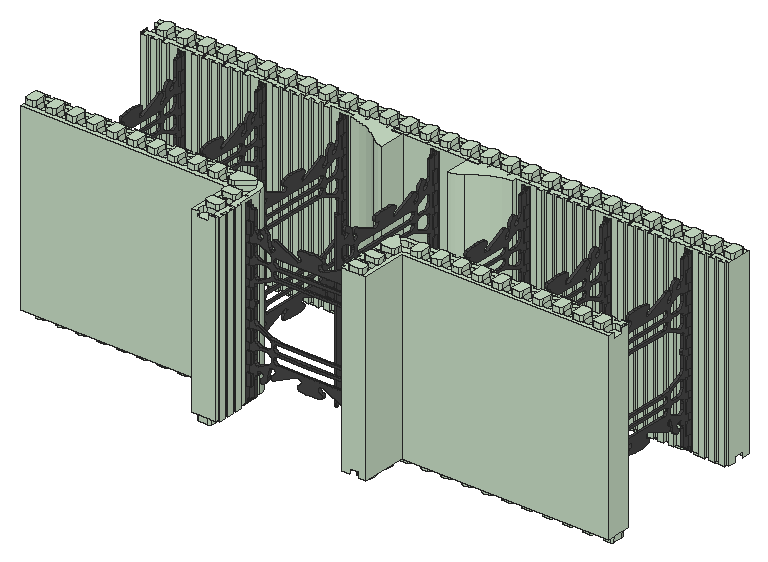
Revit family (continued)
Definition of nested family "NUDURA Diamond Pattern Missing Two Lines"
  Lines and regions (in)
    model lines
      curve 109: arc (4.634, -5.625, 6.48484) -> (4.74384, -5.625, 6.75) -> (4.634, -5.625, 7.01517) r 0.375
      curve 110: line (4.29059, -5.625, 6.14142) -> (4.634, -5.625, 6.48484)
      curve 111: line (3.35367, -5.625, 6.48484) -> (3.69709, -5.625, 6.14142)
      curve 112: arc (3.35367, -5.625, 7.01517) -> (3.24384, -5.625, 6.75) -> (3.35367, -5.625, 6.48484) r 0.375
      curve 113: line (3.69709, -5.625, 7.35858) -> (3.35367, -5.625, 7.01517)
      curve 114: arc (4.17062, -5.625, 7.30178) -> (3.99384, -5.625, 7.375) -> (3.81706, -5.625, 7.30178) r 0.25
      curve 115: line (3.81706, -5.625, 7.30178) -> (3.44206, -5.625, 6.92678)
      curve 116: arc (3.44206, -5.625, 6.92678) -> (3.36884, -5.625, 6.75) -> (3.44206, -5.625, 6.57322) r 0.25
      curve 117: line (3.44206, -5.625, 6.57322) -> (3.81706, -5.625, 6.19822)
      curve 118: arc (3.81706, -5.625, 6.19822) -> (3.99384, -5.625, 6.125) -> (4.17062, -5.625, 6.19822) r 0.25
      curve 119: line (4.17062, -5.625, 6.19822) -> (4.54562, -5.625, 6.57322)
      curve 120: arc (4.54562, -5.625, 6.57322) -> (4.61884, -5.625, 6.75) -> (4.54562, -5.625, 6.92678) r 0.25
      curve 121: line (4.54562, -5.625, 6.92678) -> (4.17062, -5.625, 7.30178)
      curve 122: arc (3.69709, -5.625, 5.85858) -> (3.75567, -5.625, 6) -> (3.69709, -5.625, 6.14142) r 0.2
      curve 123: line (4.634, -5.625, 5.51517) -> (4.29059, -5.625, 5.85858)
      curve 124: arc (4.634, -5.625, 4.98484) -> (4.74384, -5.625, 5.25) -> (4.634, -5.625, 5.51517) r 0.375
      curve 125: line (4.29059, -5.625, 4.64142) -> (4.634, -5.625, 4.98484)
      curve 126: line (3.35367, -5.625, 4.98484) -> (3.69709, -5.625, 4.64142)
      curve 127: arc (3.35367, -5.625, 5.51517) -> (3.24384, -5.625, 5.25) -> (3.35367, -5.625, 4.98484) r 0.375
      curve 128: line (3.69709, -5.625, 5.85858) -> (3.35367, -5.625, 5.51517)
      curve 129: arc (4.17062, -5.625, 5.80178) -> (3.99384, -5.625, 5.875) -> (3.81706, -5.625, 5.80178) r 0.25
      curve 130: line (3.81706, -5.625, 5.80178) -> (3.44206, -5.625, 5.42678)
      curve 131: arc (3.44206, -5.625, 5.42678) -> (3.36884, -5.625, 5.25) -> (3.44206, -5.625, 5.07322) r 0.25
      curve 132: line (3.44206, -5.625, 5.07322) -> (3.81706, -5.625, 4.69822)
      curve 133: arc (3.81706, -5.625, 4.69822) -> (3.99384, -5.625, 4.625) -> (4.17062, -5.625, 4.69822) r 0.25
      curve 134: line (4.17062, -5.625, 4.69822) -> (4.54562, -5.625, 5.07322)
      curve 135: arc (4.54562, -5.625, 5.07322) -> (4.61884, -5.625, 5.25) -> (4.54562, -5.625, 5.42678) r 0.25
      curve 136: line (4.54562, -5.625, 5.42678) -> (4.17062, -5.625, 5.80178)
      curve 137: arc (3.69709, -5.625, 4.35858) -> (3.75567, -5.625, 4.5) -> (3.69709, -5.625, 4.64142) r 0.2
      curve 138: line (4.634, -5.625, 4.01517) -> (4.29059, -5.625, 4.35858)
      curve 139: arc (4.634, -5.625, 3.48484) -> (4.74384, -5.625, 3.75) -> (4.634, -5.625, 4.01517) r 0.375
      curve 140: line (4.29059, -5.625, 3.14142) -> (4.634, -5.625, 3.48484)
      curve 141: line (3.35367, -5.625, 3.48484) -> (3.69709, -5.625, 3.14142)
      curve 142: arc (3.35367, -5.625, 4.01517) -> (3.24384, -5.625, 3.75) -> (3.35367, -5.625, 3.48484) r 0.375
      curve 143: line (3.69709, -5.625, 4.35858) -> (3.35367, -5.625, 4.01517)
      curve 144: arc (4.17062, -5.625, 4.30178) -> (3.99384, -5.625, 4.375) -> (3.81706, -5.625, 4.30178) r 0.25
      curve 145: line (3.81706, -5.625, 4.30178) -> (3.44206, -5.625, 3.92678)
      curve 146: arc (3.44206, -5.625, 3.92678) -> (3.36884, -5.625, 3.75) -> (3.44206, -5.625, 3.57322) r 0.25
      curve 147: line (3.44206, -5.625, 3.57322) -> (3.81706, -5.625, 3.19822)
      curve 148: arc (3.81706, -5.625, 3.19822) -> (3.99384, -5.625, 3.125) -> (4.17062, -5.625, 3.19822) r 0.25
      curve 149: line (4.17062, -5.625, 3.19822) -> (4.54562, -5.625, 3.57322)
      curve 150: arc (4.54562, -5.625, 3.57322) -> (4.61884, -5.625, 3.75) -> (4.54562, -5.625, 3.92678) r 0.25
      curve 151: line (4.54562, -5.625, 3.92678) -> (4.17062, -5.625, 4.30178)
      curve 152: arc (3.69709, -5.625, 2.85858) -> (3.75567, -5.625, 3) -> (3.69709, -5.625, 3.14142) r 0.2
      curve 153: line (4.634, -5.625, 2.51517) -> (4.29059, -5.625, 2.85858)
      curve 154: arc (4.634, -5.625, 1.98484) -> (4.74384, -5.625, 2.25) -> (4.634, -5.625, 2.51517) r 0.375
      curve 155: line (4.29059, -5.625, 1.64142) -> (4.634, -5.625, 1.98484)
      curve 156: line (3.35367, -5.625, 1.98484) -> (3.69709, -5.625, 1.64142)
      curve 157: arc (3.35367, -5.625, 2.51517) -> (3.24384, -5.625, 2.25) -> (3.35367, -5.625, 1.98484) r 0.375
      curve 158: line (3.69709, -5.625, 2.85858) -> (3.35367, -5.625, 2.51517)
      curve 159: arc (4.17062, -5.625, 2.80178) -> (3.99384, -5.625, 2.875) -> (3.81706, -5.625, 2.80178) r 0.25
      curve 160: line (3.81706, -5.625, 2.80178) -> (3.44206, -5.625, 2.42678)
      curve 161: arc (3.44206, -5.625, 2.42678) -> (3.36884, -5.625, 2.25) -> (3.44206, -5.625, 2.07322) r 0.25
      curve 162: line (3.44206, -5.625, 2.07322) -> (3.81706, -5.625, 1.69822)
      curve 163: arc (3.81706, -5.625, 1.69822) -> (3.99384, -5.625, 1.625) -> (4.17062, -5.625, 1.69822) r 0.25
      curve 164: line (4.17062, -5.625, 1.69822) -> (4.54562, -5.625, 2.07322)
      curve 165: arc (4.54562, -5.625, 2.07322) -> (4.61884, -5.625, 2.25) -> (4.54562, -5.625, 2.42678) r 0.25
      curve 166: line (4.54562, -5.625, 2.42678) -> (4.17062, -5.625, 2.80178)
      curve 167: arc (3.69709, -5.625, 1.35858) -> (3.75567, -5.625, 1.5) -> (3.69709, -5.625, 1.64142) r 0.2
      curve 168: line (3.69709, -5.625, 1.35858) -> (3.35367, -5.625, 1.01517)
      curve 169: arc (3.35367, -5.625, 1.01517) -> (3.24384, -5.625, 0.75) -> (3.35367, -5.625, 0.48484) r 0.375
      curve 170: line (3.35367, -5.625, 0.48484) -> (3.72867, -5.625, 0.10984)
      curve 171: arc (3.72867, -5.625, 0.10984) -> (3.99384, -5.625, 0) -> (4.259, -5.625, 0.10984) r 0.375
      curve 172: line (4.259, -5.625, 0.10984) -> (4.634, -5.625, 0.48484)
      curve 173: arc (4.634, -5.625, 0.48484) -> (4.74384, -5.625, 0.75) -> (4.634, -5.625, 1.01517) r 0.375
      curve 174: line (4.634, -5.625, 1.01517) -> (4.29059, -5.625, 1.35858)
      curve 175: arc (4.29059, -5.625, 1.64142) -> (4.23201, -5.625, 1.5) -> (4.29059, -5.625, 1.35858) r 0.2
      curve 176: arc (4.17062, -5.625, 1.30178) -> (3.99384, -5.625, 1.375) -> (3.81706, -5.625, 1.30178) r 0.25
      curve 177: line (4.54562, -5.625, 0.92678) -> (4.17062, -5.625, 1.30178)
      curve 178: arc (4.54562, -5.625, 0.57322) -> (4.61884, -5.625, 0.75) -> (4.54562, -5.625, 0.92678) r 0.25
      curve 179: line (4.17062, -5.625, 0.19822) -> (4.54562, -5.625, 0.57322)
      curve 180: arc (3.81706, -5.625, 0.19822) -> (3.99384, -5.625, 0.125) -> (4.17062, -5.625, 0.19822) r 0.25
      curve 181: line (3.44206, -5.625, 0.57322) -> (3.81706, -5.625, 0.19822)
      curve 182: arc (3.44206, -5.625, 0.92678) -> (3.36884, -5.625, 0.75) -> (3.44206, -5.625, 0.57322) r 0.25
      curve 183: line (3.81706, -5.625, 1.30178) -> (3.44206, -5.625, 0.92678)
      curve 184: arc (4.29059, -5.625, 3.14142) -> (4.23201, -5.625, 3) -> (4.29059, -5.625, 2.85858) r 0.2
      curve 185: arc (4.29059, -5.625, 4.64142) -> (4.23201, -5.625, 4.5) -> (4.29059, -5.625, 4.35858) r 0.2
      curve 186: arc (4.29059, -5.625, 6.14142) -> (4.23201, -5.625, 6) -> (4.29059, -5.625, 5.85858) r 0.2
      curve 187: arc (4.29059, -5.625, 7.64142) -> (4.23201, -5.625, 7.5) -> (4.29059, -5.625, 7.35858) r 0.2
      curve 188: arc (4.29059, -5.625, 9.14142) -> (4.23201, -5.625, 9) -> (4.29059, -5.625, 8.85858) r 0.2
      curve 189: arc (4.29059, -5.625, 10.64142) -> (4.23201, -5.625, 10.5) -> (4.29059, -5.625, 10.35858) r 0.2
      curve 190: arc (4.29059, -5.625, 12.14142) -> (4.23201, -5.625, 12) -> (4.29059, -5.625, 11.85858) r 0.2
      curve 191: arc (4.29059, -5.625, 13.64142) -> (4.23201, -5.625, 13.5) -> (4.29059, -5.625, 13.35858) r 0.2
      curve 192: arc (4.29059, -5.625, 15.14142) -> (4.23201, -5.625, 15) -> (4.29059, -5.625, 14.85858) r 0.2
      curve 193: arc (4.29059, -5.625, 16.64142) -> (4.23201, -5.625, 16.5) -> (4.29059, -5.625, 16.35858) r 0.2
Definition of nested family "NUDURA Logo Diamond"
  Reference planes (in)
    plane 1 "Center (Front/Back)": y = 0
    plane 2: z = 0
    plane 3 "Center (Left/Right)": x = 0
  Lines and regions (in)
    model lines
      curve 1: line (12.59848, 0, 17.50104) -> (12.24492, 0, 17.85459)
      curve 2: line (12.36113, 0, 16.76872) -> (12.59848, 0, 17.00607)
      curve 3: line (12.59848, 0, 16.00104) -> (12.36113, 0, 16.23839)
      curve 4: line (12.36113, 0, 15.26872) -> (12.59848, 0, 15.50607)
      curve 5: line (12.59848, 0, 14.50104) -> (12.36113, 0, 14.73839)
      curve 6: line (12.36113, 0, 13.76872) -> (12.59848, 0, 14.00607)
      curve 7: line (12.17421, 0, 13.28388) -> (12.71208, 0, 12.74602)
      curve 8: line (12.71208, 0, 12.74602) -> (12.78279, 0, 12.81673)
      curve 9: line (11.28279, 0, 12.74602) -> (11.82066, 0, 13.28388)
      curve 10: line (11.63374, 0, 13.23839) -> (11.21208, 0, 12.81673)
      curve 11: line (11.3964, 0, 14.00607) -> (11.63374, 0, 13.76872)
      curve 12: line (11.63374, 0, 14.73839) -> (11.3964, 0, 14.50104)
      curve 13: line (11.3964, 0, 15.50607) -> (11.63374, 0, 15.26872)
      curve 14: line (11.63374, 0, 16.23839) -> (11.3964, 0, 16.00104)
      curve 15: line (11.3964, 0, 17.00607) -> (11.63374, 0, 16.76872)
      curve 16: line (11.74995, 0, 17.85459) -> (11.3964, 0, 17.50104)
      curve 17: line (11.82066, 0, 17.78388) -> (11.46711, 0, 17.43033)
      curve 18: line (12.52777, 0, 17.43033) -> (12.17421, 0, 17.78388)
      curve 19: line (12.17421, 0, 16.72322) -> (12.52777, 0, 17.07678)
      curve 20: line (11.46711, 0, 17.07678) -> (11.82066, 0, 16.72322)
      curve 21: arc (11.3964, 0, 17.50104) -> (11.29388, 0, 17.25355) -> (11.3964, 0, 17.00607) r 0.35
      curve 22: arc (11.74995, 0, 17.85459) -> (11.99744, 0, 17.95711) -> (12.24492, 0, 17.85459) r 0.35
      curve 23: arc (11.46711, 0, 17.43033) -> (11.39388, 0, 17.25355) -> (11.46711, 0, 17.07678) r 0.25
      curve 24: arc (12.52777, 0, 17.43033) -> (12.60099, 0, 17.25355) -> (12.52777, 0, 17.07678) r 0.25
      curve 25: arc (12.17421, 0, 16.72322) -> (11.99744, 0, 16.65) -> (11.82066, 0, 16.72322) r 0.25
      curve 26: arc (11.82066, 0, 17.78388) -> (11.99744, 0, 17.85711) -> (12.17421, 0, 17.78388) r 0.25
      curve 27: arc (12.59848, 0, 17.50104) -> (12.70099, 0, 17.25355) -> (12.59848, 0, 17.00607) r 0.35
      curve 28: arc (11.63374, 0, 16.76872) -> (11.74358, 0, 16.50355) -> (11.63374, 0, 16.23839) r 0.375
      curve 29: arc (12.36113, 0, 16.76872) -> (12.2513, 0, 16.50355) -> (12.36113, 0, 16.23839) r 0.375
      curve 30: line (12.36113, 0, 15.26872) -> (12.59848, 0, 15.50607)
      curve 31: line (11.3964, 0, 15.50607) -> (11.63374, 0, 15.26872)
      curve 32: line (11.82066, 0, 16.28388) -> (11.46711, 0, 15.93033)
      curve 33: line (12.52777, 0, 15.93033) -> (12.17421, 0, 16.28388)
      curve 34: line (12.17421, 0, 15.22322) -> (12.52777, 0, 15.57678)
      curve 35: line (11.46711, 0, 15.57678) -> (11.82066, 0, 15.22322)
      curve 36: arc (11.3964, 0, 16.00104) -> (11.29388, 0, 15.75355) -> (11.3964, 0, 15.50607) r 0.35
      curve 37: arc (11.46711, 0, 15.93033) -> (11.39388, 0, 15.75355) -> (11.46711, 0, 15.57678) r 0.25
      curve 38: arc (12.52777, 0, 15.93033) -> (12.60099, 0, 15.75355) -> (12.52777, 0, 15.57678) r 0.25
      curve 39: arc (12.17421, 0, 15.22322) -> (11.99744, 0, 15.15) -> (11.82066, 0, 15.22322) r 0.25
      curve 40: arc (11.82066, 0, 16.28388) -> (11.99744, 0, 16.35711) -> (12.17421, 0, 16.28388) r 0.25
      curve 41: arc (12.59848, 0, 16.00104) -> (12.70099, 0, 15.75355) -> (12.59848, 0, 15.50607) r 0.35
      curve 42: line (11.63374, 0, 16.23839) -> (11.3964, 0, 16.00104)
      curve 43: line (12.59848, 0, 16.00104) -> (12.36113, 0, 16.23839)
      curve 44: arc (11.63374, 0, 15.26872) -> (11.74358, 0, 15.00355) -> (11.63374, 0, 14.73839) r 0.375
      curve 45: arc (12.36113, 0, 15.26872) -> (12.2513, 0, 15.00355) -> (12.36113, 0, 14.73839) r 0.375
      curve 46: line (12.36113, 0, 13.76872) -> (12.59848, 0, 14.00607)
      curve 47: line (11.3964, 0, 14.00607) -> (11.63374, 0, 13.76872)
      curve 48: line (11.82066, 0, 14.78388) -> (11.46711, 0, 14.43033)
      curve 49: line (12.52777, 0, 14.43033) -> (12.17421, 0, 14.78388)
      curve 50: line (12.17421, 0, 13.72322) -> (12.52777, 0, 14.07678)
      curve 51: line (11.46711, 0, 14.07678) -> (11.82066, 0, 13.72322)
      curve 52: arc (11.3964, 0, 14.50104) -> (11.29388, 0, 14.25355) -> (11.3964, 0, 14.00607) r 0.35
      curve 53: arc (11.46711, 0, 14.43033) -> (11.39388, 0, 14.25355) -> (11.46711, 0, 14.07678) r 0.25
      curve 54: arc (12.52777, 0, 14.43033) -> (12.60099, 0, 14.25355) -> (12.52777, 0, 14.07678) r 0.25
      curve 55: arc (12.17421, 0, 13.72322) -> (11.99744, 0, 13.65) -> (11.82066, 0, 13.72322) r 0.25
      curve 56: arc (11.82066, 0, 14.78388) -> (11.99744, 0, 14.85711) -> (12.17421, 0, 14.78388) r 0.25
      curve 57: arc (12.59848, 0, 14.50104) -> (12.70099, 0, 14.25355) -> (12.59848, 0, 14.00607) r 0.35
      curve 58: line (11.63374, 0, 14.73839) -> (11.3964, 0, 14.50104)
      curve 59: arc (11.63374, 0, 13.76872) -> (11.74358, 0, 13.50355) -> (11.63374, 0, 13.23839) r 0.375
      curve 60: arc (12.36113, 0, 13.76872) -> (12.2513, 0, 13.50355) -> (12.36113, 0, 13.23839) r 0.375
      curve 61: line (12.78279, 0, 12.81673) -> (12.36113, 0, 13.23839)
      curve 62: line (11.21208, 0, 12.81673) -> (11.28279, 0, 12.74602)
      curve 63: arc (11.82066, 0, 13.28388) -> (11.99744, 0, 13.35711) -> (12.17421, 0, 13.28388) r 0.25
      curve 64: line (12.59848, 0, 0.50607) -> (12.24492, 0, 0.15251)
      curve 65: line (12.36113, 0, 1.23839) -> (12.59848, 0, 1.00104)
      curve 66: line (12.59848, 0, 2.00607) -> (12.36113, 0, 1.76872)
      curve 67: line (12.36113, 0, 2.73839) -> (12.59848, 0, 2.50104)
      curve 68: line (12.59848, 0, 3.50607) -> (12.36113, 0, 3.26872)
      curve 69: line (12.36113, 0, 4.23839) -> (12.59848, 0, 4.00104)
      curve 70: line (12.17421, 0, 4.72322) -> (12.71208, 0, 5.26109)
      curve 71: line (12.71208, 0, 5.26109) -> (12.78279, 0, 5.19038)
      curve 72: line (11.28279, 0, 5.26109) -> (11.82066, 0, 4.72322)
      curve 73: line (11.63374, 0, 4.76872) -> (11.21208, 0, 5.19038)
      curve 74: line (11.3964, 0, 4.00104) -> (11.63374, 0, 4.23839)
      curve 75: line (11.63374, 0, 3.26872) -> (11.3964, 0, 3.50607)
      curve 76: line (11.3964, 0, 2.50104) -> (11.63374, 0, 2.73839)
      curve 77: line (11.63374, 0, 1.76872) -> (11.3964, 0, 2.00607)
      curve 78: line (11.3964, 0, 1.00104) -> (11.63374, 0, 1.23839)
      curve 79: line (11.74995, 0, 0.15251) -> (11.3964, 0, 0.50607)
      curve 80: line (11.82066, 0, 0.22322) -> (11.46711, 0, 0.57678)
      curve 81: line (12.52777, 0, 0.57678) -> (12.17421, 0, 0.22322)
      curve 82: line (12.17421, 0, 1.28388) -> (12.52777, 0, 0.93033)
      curve 83: line (11.46711, 0, 0.93033) -> (11.82066, 0, 1.28388)
      curve 84: arc (11.3964, 0, 0.50607) -> (11.29388, 0, 0.75355) -> (11.3964, 0, 1.00104) r 0.35
      curve 85: arc (11.74995, 0, 0.15251) -> (11.99744, 0, 0.05) -> (12.24492, 0, 0.15251) r 0.35
      curve 86: arc (11.46711, 0, 0.57678) -> (11.39388, 0, 0.75355) -> (11.46711, 0, 0.93033) r 0.25
      curve 87: arc (12.52777, 0, 0.57678) -> (12.60099, 0, 0.75355) -> (12.52777, 0, 0.93033) r 0.25
      curve 88: arc (12.17421, 0, 1.28388) -> (11.99744, 0, 1.35711) -> (11.82066, 0, 1.28388) r 0.25
      curve 89: arc (11.82066, 0, 0.22322) -> (11.99744, 0, 0.15) -> (12.17421, 0, 0.22322) r 0.25
      curve 90: arc (12.59848, 0, 0.50607) -> (12.70099, 0, 0.75355) -> (12.59848, 0, 1.00104) r 0.35
      curve 91: arc (11.63374, 0, 1.23839) -> (11.74358, 0, 1.50355) -> (11.63374, 0, 1.76872) r 0.375
      curve 92: arc (12.36113, 0, 1.23839) -> (12.2513, 0, 1.50355) -> (12.36113, 0, 1.76872) r 0.375
      curve 93: line (12.36113, 0, 2.73839) -> (12.59848, 0, 2.50104)
      curve 94: line (11.3964, 0, 2.50104) -> (11.63374, 0, 2.73839)
      curve 95: line (11.82066, 0, 1.72322) -> (11.46711, 0, 2.07678)
      curve 96: line (12.52777, 0, 2.07678) -> (12.17421, 0, 1.72322)
      curve 97: line (12.17421, 0, 2.78388) -> (12.52777, 0, 2.43033)
      curve 98: line (11.46711, 0, 2.43033) -> (11.82066, 0, 2.78388)
      curve 99: arc (11.3964, 0, 2.00607) -> (11.29388, 0, 2.25355) -> (11.3964, 0, 2.50104) r 0.35
      curve 100: arc (11.46711, 0, 2.07678) -> (11.39388, 0, 2.25355) -> (11.46711, 0, 2.43033) r 0.25
      curve 101: arc (12.52777, 0, 2.07678) -> (12.60099, 0, 2.25355) -> (12.52777, 0, 2.43033) r 0.25
      curve 102: arc (12.17421, 0, 2.78388) -> (11.99744, 0, 2.85711) -> (11.82066, 0, 2.78388) r 0.25
      curve 103: arc (11.82066, 0, 1.72322) -> (11.99744, 0, 1.65) -> (12.17421, 0, 1.72322) r 0.25
      curve 104: arc (12.59848, 0, 2.00607) -> (12.70099, 0, 2.25355) -> (12.59848, 0, 2.50104) r 0.35
      curve 105: line (11.63374, 0, 1.76872) -> (11.3964, 0, 2.00607)
      curve 106: line (12.59848, 0, 2.00607) -> (12.36113, 0, 1.76872)
      curve 107: arc (11.63374, 0, 2.73839) -> (11.74358, 0, 3.00355) -> (11.63374, 0, 3.26872) r 0.375
      curve 108: arc (12.36113, 0, 2.73839) -> (12.2513, 0, 3.00355) -> (12.36113, 0, 3.26872) r 0.375
      curve 109: line (12.36113, 0, 4.23839) -> (12.59848, 0, 4.00104)
      curve 110: line (11.3964, 0, 4.00104) -> (11.63374, 0, 4.23839)
      curve 111: line (11.82066, 0, 3.22322) -> (11.46711, 0, 3.57678)
      curve 112: line (12.52777, 0, 3.57678) -> (12.17421, 0, 3.22322)
      curve 113: line (12.17421, 0, 4.28388) -> (12.52777, 0, 3.93033)
      curve 114: line (11.46711, 0, 3.93033) -> (11.82066, 0, 4.28388)
      curve 115: arc (11.3964, 0, 3.50607) -> (11.29388, 0, 3.75355) -> (11.3964, 0, 4.00104) r 0.35
      curve 116: arc (11.46711, 0, 3.57678) -> (11.39388, 0, 3.75355) -> (11.46711, 0, 3.93033) r 0.25
      curve 117: arc (12.52777, 0, 3.57678) -> (12.60099, 0, 3.75355) -> (12.52777, 0, 3.93033) r 0.25
      curve 118: arc (12.17421, 0, 4.28388) -> (11.99744, 0, 4.35711) -> (11.82066, 0, 4.28388) r 0.25
      curve 119: arc (11.82066, 0, 3.22322) -> (11.99744, 0, 3.15) -> (12.17421, 0, 3.22322) r 0.25
      curve 120: arc (12.59848, 0, 3.50607) -> (12.70099, 0, 3.75355) -> (12.59848, 0, 4.00104) r 0.35
      curve 121: line (11.63374, 0, 3.26872) -> (11.3964, 0, 3.50607)
      curve 122: arc (11.63374, 0, 4.23839) -> (11.74358, 0, 4.50355) -> (11.63374, 0, 4.76872) r 0.375
      curve 123: arc (12.36113, 0, 4.23839) -> (12.2513, 0, 4.50355) -> (12.36113, 0, 4.76872) r 0.375
      curve 124: line (12.78279, 0, 5.19038) -> (12.36113, 0, 4.76872)
      curve 125: line (11.21208, 0, 5.19038) -> (11.28279, 0, 5.26109)
      curve 126: arc (11.82066, 0, 4.72322) -> (11.99744, 0, 4.65) -> (12.17421, 0, 4.72322) r 0.25
      curve 127: line (12.37244, 0, 12.50355) -> (11.62244, 0, 12.50355)
      curve 128: line (12.74744, 0, 5.87855) -> (12.74744, 0, 12.12855)
      curve 129: line (11.24744, 0, 12.12855) -> (11.24744, 0, 5.87855)
      curve 130: line (11.62244, 0, 5.50355) -> (12.37244, 0, 5.50355)
      curve 131: line (12.47232, 0, 12.00355) -> (12.0393, 0, 12.25355)
      curve 132: line (12.47232, 0, 11.50355) -> (12.47232, 0, 12.00355)
      curve 133: line (12.25581, 0, 11.37855) -> (12.47232, 0, 11.50355)
      curve 134: line (12.02256, 0, 11.51322) -> (12.25581, 0, 11.37855)
      curve 135: line (12.22232, 0, 11.62855) -> (12.02256, 0, 11.51322)
      curve 136: line (11.80605, 0, 12.11888) -> (12.22232, 0, 11.87855)
      curve 137: line (12.22232, 0, 11.87855) -> (12.22232, 0, 11.62855)
      curve 138: line (12.0393, 0, 12.25355) -> (11.80605, 0, 12.11888)
      curve 139: line (11.77256, 0, 11.63822) -> (11.97232, 0, 11.75355)
      curve 140: line (11.97232, 0, 11.75355) -> (11.73906, 0, 11.88822)
      curve 141: line (11.73906, 0, 11.88822) -> (11.52256, 0, 11.76322)
      curve 142: line (11.52256, 0, 11.76322) -> (11.52256, 0, 11.26322)
      curve 143: line (11.77256, 0, 11.38822) -> (11.77256, 0, 11.63822)
      curve 144: line (12.18882, 0, 11.14789) -> (11.77256, 0, 11.38822)
      curve 145: line (11.95557, 0, 11.01322) -> (12.18882, 0, 11.14789)
      curve 146: line (11.52256, 0, 11.26322) -> (11.95557, 0, 11.01322)
      curve 147: line (12.31108, 0, 10.60411) -> (11.68379, 0, 10.74458)
      curve 148: line (11.68379, 0, 10.74458) -> (11.68379, 0, 10.51321)
      curve 149: line (11.68379, 0, 10.51321) -> (12.1295, 0, 10.41405)
      curve 150: line (12.1295, 0, 10.41405) -> (11.68379, 0, 10.27358)
      curve 151: line (11.68379, 0, 10.27358) -> (11.68379, 0, 9.8852)
      curve 152: line (11.68379, 0, 9.8852) -> (12.17077, 0, 9.77615)
      curve 153: line (12.17077, 0, 9.77615) -> (12.17077, 0, 9.74472)
      curve 154: line (12.17077, 0, 9.74472) -> (11.86146, 0, 9.80279)
      curve 155: line (11.68379, 0, 9.65536) -> (11.68379, 0, 9.35864)
      curve 156: line (12.07077, 0, 8.74385) -> (12.07077, 0, 8.99996)
      curve 157: line (12.07077, 0, 8.99996) -> (11.68379, 0, 9.08605)
      curve 158: line (11.68379, 0, 9.08605) -> (11.68379, 0, 8.47809)
      curve 159: line (11.91823, 0, 9.06589) -> (12.31108, 0, 8.97792)
      curve 160: line (11.82444, 0, 8.55476) -> (11.82444, 0, 8.79865)
      curve 161: line (11.82444, 0, 8.79865) -> (12.07077, 0, 8.74385)
      curve 162: line (11.68379, 0, 8.07193) -> (11.68379, 0, 7.77522)
      curve 163: line (11.91823, 0, 7.48247) -> (12.21108, 0, 7.41688)
      curve 164: line (12.21108, 0, 7.41688) -> (12.21108, 0, 6.95405)
      curve 165: line (12.16108, 0, 6.90405) -> (12.12077, 0, 6.90405)
      curve 166: line (12.07077, 0, 6.95405) -> (12.07077, 0, 7.08675)
      curve 167: line (12.07077, 0, 7.08675) -> (12.12077, 0, 7.07556)
      curve 168: line (12.12077, 0, 7.07556) -> (12.12077, 0, 7.33463)
      curve 169: line (12.12077, 0, 7.33463) -> (11.68379, 0, 7.43249)
      curve 170: line (11.68379, 0, 7.43249) -> (11.68379, 0, 7.17341)
      curve 171: line (11.68379, 0, 7.17341) -> (11.97077, 0, 7.10915)
      curve 172: line (11.97077, 0, 7.10915) -> (11.97077, 0, 6.99425)
      curve 173: line (11.92077, 0, 6.94425) -> (11.68379, 0, 6.94425)
      curve 174: line (11.68379, 0, 6.94425) -> (11.68379, 0, 6.45682)
      curve 175: line (11.68379, 0, 6.45682) -> (11.78284, 0, 6.38658)
      curve 176: line (11.78284, 0, 6.38658) -> (11.78284, 0, 6.05178)
      curve 177: line (12.12371, 0, 6.14486) -> (11.88284, 0, 6.31567)
      curve 178: line (11.88284, 0, 6.31567) -> (11.88284, 0, 6.07909)
      curve 179: line (11.88284, 0, 6.07909) -> (12.12371, 0, 6.14486)
      curve 180: line (11.78284, 0, 6.05178) -> (11.68379, 0, 6.02474)
      curve 181: line (11.68379, 0, 6.02474) -> (11.68379, 0, 5.75355)
      curve 182: line (11.68379, 0, 5.75355) -> (12.31108, 0, 5.92483)
      curve 183: line (12.31108, 0, 5.92483) -> (12.31108, 0, 6.28791)
      curve 184: line (12.31108, 0, 6.28791) -> (11.76249, 0, 6.67694)
      curve 185: line (11.76249, 0, 6.67694) -> (11.90321, 0, 6.67694)
      curve 186: line (12.31108, 0, 6.78674) -> (12.31108, 0, 7.63562)
      curve 187: line (12.31108, 0, 7.63562) -> (11.90258, 0, 7.7271)
      curve 188: line (11.82444, 0, 7.82469) -> (11.82444, 0, 7.92839)
      curve 189: line (11.88536, 0, 7.97718) -> (12.31108, 0, 7.88185)
      curve 190: line (12.31108, 0, 7.88185) -> (12.31108, 0, 8.13496)
      curve 191: line (12.31108, 0, 8.13496) -> (12.08042, 0, 8.17826)
      curve 192: line (12.31108, 0, 8.38353) -> (12.31108, 0, 8.9465)
      curve 193: line (12.31108, 0, 8.9465) -> (12.17077, 0, 8.97771)
      curve 194: line (12.17077, 0, 8.97771) -> (12.17077, 0, 8.55476)
      curve 195: line (12.31108, 0, 8.97792) -> (12.31108, 0, 9.21905)
      curve 196: line (12.31108, 0, 9.21905) -> (11.90258, 0, 9.31053)
      curve 197: line (11.82444, 0, 9.40811) -> (11.82444, 0, 9.51182)
      curve 198: line (11.87938, 0, 9.56195) -> (12.31108, 0, 9.46528)
      curve 199: line (12.31108, 0, 9.46528) -> (12.31108, 0, 9.98469)
      curve 200: line (12.31108, 0, 9.98469) -> (11.90664, 0, 10.07526)
      curve 201: line (11.90664, 0, 10.07526) -> (12.31108, 0, 10.20747)
      curve 202: line (12.31108, 0, 10.20747) -> (12.31108, 0, 10.60411)
      curve 203: arc (11.68379, 0, 9.65536) -> (11.73801, 0, 9.7708) -> (11.86146, 0, 9.80279) r 0.15
      curve 204: arc (11.68379, 0, 9.35864) -> (11.74962, 0, 9.17112) -> (11.91823, 0, 9.06589) r 0.3
      curve 205: arc (11.84417, 0, 8.22149) -> (11.72718, 0, 8.32679) -> (11.68379, 0, 8.47809) r 0.28547
      curve 206: arc (11.68379, 0, 8.07193) -> (11.73147, 0, 8.18158) -> (11.84417, 0, 8.22149) r 0.14992
      curve 207: arc (11.68379, 0, 7.77522) -> (11.74962, 0, 7.58769) -> (11.91823, 0, 7.48247) r 0.3
      curve 208: arc (11.82444, 0, 7.82469) -> (11.84638, 0, 7.76218) -> (11.90258, 0, 7.7271) r 0.1
      curve 209: arc (11.82444, 0, 7.92839) -> (11.84318, 0, 7.96742) -> (11.88536, 0, 7.97718) r 0.05
      curve 210: arc (12.12077, 0, 6.90405) -> (12.08541, 0, 6.91869) -> (12.07077, 0, 6.95405) r 0.05
      curve 211: arc (12.16108, 0, 6.90405) -> (12.19644, 0, 6.91869) -> (12.21108, 0, 6.95405) r 0.05
      curve 212: arc (11.97077, 0, 6.99425) -> (11.95612, 0, 6.95889) -> (11.92077, 0, 6.94425) r 0.05
      curve 213: arc (11.90321, 0, 6.67694) -> (11.96756, 0, 6.70069) -> (12.00104, 0, 6.76055) r 0.09904
      curve 214: arc (12.00104, 0, 6.76055) -> (12.1681, 0, 6.63117) -> (12.31108, 0, 6.78674) r 0.15613
      curve 215: arc (12.08042, 0, 8.17826) -> (12.24181, 0, 8.22914) -> (12.31108, 0, 8.38353) r 0.20667
      curve 216: arc (11.82444, 0, 8.55476) -> (11.9976, 0, 8.3816) -> (12.17077, 0, 8.55476) r 0.17317
      curve 217: arc (11.82444, 0, 9.40811) -> (11.84638, 0, 9.34561) -> (11.90258, 0, 9.31053) r 0.1
      curve 218: arc (11.82444, 0, 9.51182) -> (11.8459, 0, 9.55306) -> (11.892, 0, 9.55913) r 0.05034
      curve 219: arc (11.24744, 0, 12.12855) -> (11.35727, 0, 12.39372) -> (11.62244, 0, 12.50355) r 0.375
      curve 220: arc (12.37244, 0, 12.50355) -> (12.6376, 0, 12.39372) -> (12.74744, 0, 12.12855) r 0.375
      curve 221: arc (11.24744, 0, 5.87855) -> (11.35727, 0, 5.61339) -> (11.62244, 0, 5.50355) r 0.375
      curve 222: arc (12.37244, 0, 5.50355) -> (12.6376, 0, 5.61339) -> (12.74744, 0, 5.87855) r 0.375
      curve 223: line (9.99744, 0, 18) -> (9.99744, 0, 0)
      curve 224: line (13.99744, 0, 18) -> (13.99744, 0, 0)
      curve 225: line (15.99744, 0, 18) -> (15.99744, 0, 0)
Definition of nested family "NUDURA Diamond Pattern"
  Reference planes (in)
    plane 1 "Center (Front/Back)": y = 0
    plane 2: z = 0
    plane 3 "Center (Left/Right)": x = 0
    plane 4: z = 18
  Lines and regions (in)
    model lines
      curve 1: line (8, -5.625, 18) -> (8, -5.625, 0)
      curve 2: line (6, -5.625, 18) -> (6, -5.625, 0)
      curve 3: line (2, -5.625, 18) -> (2, -5.625, 0)
      curve 4: line (3.35367, -5.625, 16.98484) -> (3.69709, -5.625, 16.64142)
      curve 5: arc (3.35367, -5.625, 17.51517) -> (3.24384, -5.625, 17.25) -> (3.35367, -5.625, 16.98484) r 0.375
      curve 6: line (3.72867, -5.625, 17.89017) -> (3.35367, -5.625, 17.51517)
      curve 7: arc (4.259, -5.625, 17.89017) -> (3.99384, -5.625, 18) -> (3.72867, -5.625, 17.89017) r 0.375
      curve 8: line (4.634, -5.625, 17.51517) -> (4.259, -5.625, 17.89017)
      curve 9: arc (4.634, -5.625, 16.98484) -> (4.74384, -5.625, 17.25) -> (4.634, -5.625, 17.51517) r 0.375
      curve 10: line (4.29059, -5.625, 16.64142) -> (4.634, -5.625, 16.98484)
      curve 11: arc (4.17062, -5.625, 17.80178) -> (3.99384, -5.625, 17.875) -> (3.81706, -5.625, 17.80178) r 0.25
      curve 12: line (4.54562, -5.625, 17.42678) -> (4.17062, -5.625, 17.80178)
      curve 13: arc (4.54562, -5.625, 17.07322) -> (4.61884, -5.625, 17.25) -> (4.54562, -5.625, 17.42678) r 0.25
      curve 14: line (4.17062, -5.625, 16.69822) -> (4.54562, -5.625, 17.07322)
      curve 15: arc (3.81706, -5.625, 16.69822) -> (3.99384, -5.625, 16.625) -> (4.17062, -5.625, 16.69822) r 0.25
      curve 16: line (3.44206, -5.625, 17.07322) -> (3.81706, -5.625, 16.69822)
      curve 17: arc (3.44206, -5.625, 17.42678) -> (3.36884, -5.625, 17.25) -> (3.44206, -5.625, 17.07322) r 0.25
      curve 18: line (3.81706, -5.625, 17.80178) -> (3.44206, -5.625, 17.42678)
      curve 19: arc (3.69709, -5.625, 16.35858) -> (3.75567, -5.625, 16.5) -> (3.69709, -5.625, 16.64142) r 0.2
      curve 20: line (4.634, -5.625, 16.01517) -> (4.29059, -5.625, 16.35858)
      curve 21: arc (4.634, -5.625, 15.48484) -> (4.74384, -5.625, 15.75) -> (4.634, -5.625, 16.01517) r 0.375
      curve 22: line (4.29059, -5.625, 15.14142) -> (4.634, -5.625, 15.48484)
      curve 23: line (3.35367, -5.625, 15.48484) -> (3.69709, -5.625, 15.14142)
      curve 24: arc (3.35367, -5.625, 16.01517) -> (3.24384, -5.625, 15.75) -> (3.35367, -5.625, 15.48484) r 0.375
      curve 25: line (3.69709, -5.625, 16.35858) -> (3.35367, -5.625, 16.01517)
      curve 26: arc (4.17062, -5.625, 16.30178) -> (3.99384, -5.625, 16.375) -> (3.81706, -5.625, 16.30178) r 0.25
      curve 27: line (3.81706, -5.625, 16.30178) -> (3.44206, -5.625, 15.92678)
      curve 28: arc (3.44206, -5.625, 15.92678) -> (3.36884, -5.625, 15.75) -> (3.44206, -5.625, 15.57322) r 0.25
      curve 29: line (3.44206, -5.625, 15.57322) -> (3.81706, -5.625, 15.19822)
      curve 30: arc (3.81706, -5.625, 15.19822) -> (3.99384, -5.625, 15.125) -> (4.17062, -5.625, 15.19822) r 0.25
      curve 31: line (4.17062, -5.625, 15.19822) -> (4.54562, -5.625, 15.57322)
      curve 32: arc (4.54562, -5.625, 15.57322) -> (4.61884, -5.625, 15.75) -> (4.54562, -5.625, 15.92678) r 0.25
      curve 33: line (4.54562, -5.625, 15.92678) -> (4.17062, -5.625, 16.30178)
      curve 34: arc (3.69709, -5.625, 14.85858) -> (3.75567, -5.625, 15) -> (3.69709, -5.625, 15.14142) r 0.2
      curve 35: line (4.634, -5.625, 14.51517) -> (4.29059, -5.625, 14.85858)
      curve 36: arc (4.634, -5.625, 13.98484) -> (4.74384, -5.625, 14.25) -> (4.634, -5.625, 14.51517) r 0.375
      curve 37: line (4.29059, -5.625, 13.64142) -> (4.634, -5.625, 13.98484)
      curve 38: line (3.35367, -5.625, 13.98484) -> (3.69709, -5.625, 13.64142)
      curve 39: arc (3.35367, -5.625, 14.51517) -> (3.24384, -5.625, 14.25) -> (3.35367, -5.625, 13.98484) r 0.375
      curve 40: line (3.69709, -5.625, 14.85858) -> (3.35367, -5.625, 14.51517)
      curve 41: arc (4.17062, -5.625, 14.80178) -> (3.99384, -5.625, 14.875) -> (3.81706, -5.625, 14.80178) r 0.25
      curve 42: line (3.81706, -5.625, 14.80178) -> (3.44206, -5.625, 14.42678)
      curve 43: arc (3.44206, -5.625, 14.42678) -> (3.36884, -5.625, 14.25) -> (3.44206, -5.625, 14.07322) r 0.25
      curve 44: line (3.44206, -5.625, 14.07322) -> (3.81706, -5.625, 13.69822)
      curve 45: arc (3.81706, -5.625, 13.69822) -> (3.99384, -5.625, 13.625) -> (4.17062, -5.625, 13.69822) r 0.25
      curve 46: line (4.17062, -5.625, 13.69822) -> (4.54562, -5.625, 14.07322)
      curve 47: arc (4.54562, -5.625, 14.07322) -> (4.61884, -5.625, 14.25) -> (4.54562, -5.625, 14.42678) r 0.25
      curve 48: line (4.54562, -5.625, 14.42678) -> (4.17062, -5.625, 14.80178)
      curve 49: arc (3.69709, -5.625, 13.35858) -> (3.75567, -5.625, 13.5) -> (3.69709, -5.625, 13.64142) r 0.2
      curve 50: line (4.634, -5.625, 13.01517) -> (4.29059, -5.625, 13.35858)
      curve 51: arc (4.634, -5.625, 12.48484) -> (4.74384, -5.625, 12.75) -> (4.634, -5.625, 13.01517) r 0.375
      curve 52: line (4.29059, -5.625, 12.14142) -> (4.634, -5.625, 12.48484)
      curve 53: line (3.35367, -5.625, 12.48484) -> (3.69709, -5.625, 12.14142)
      curve 54: arc (3.35367, -5.625, 13.01517) -> (3.24384, -5.625, 12.75) -> (3.35367, -5.625, 12.48484) r 0.375
      curve 55: line (3.69709, -5.625, 13.35858) -> (3.35367, -5.625, 13.01517)
      curve 56: arc (4.17062, -5.625, 13.30178) -> (3.99384, -5.625, 13.375) -> (3.81706, -5.625, 13.30178) r 0.25
      curve 57: line (3.81706, -5.625, 13.30178) -> (3.44206, -5.625, 12.92678)
      curve 58: arc (3.44206, -5.625, 12.92678) -> (3.36884, -5.625, 12.75) -> (3.44206, -5.625, 12.57322) r 0.25
      curve 59: line (3.44206, -5.625, 12.57322) -> (3.81706, -5.625, 12.19822)
      curve 60: arc (3.81706, -5.625, 12.19822) -> (3.99384, -5.625, 12.125) -> (4.17062, -5.625, 12.19822) r 0.25
      curve 61: line (4.17062, -5.625, 12.19822) -> (4.54562, -5.625, 12.57322)
      curve 62: arc (4.54562, -5.625, 12.57322) -> (4.61884, -5.625, 12.75) -> (4.54562, -5.625, 12.92678) r 0.25
      curve 63: line (4.54562, -5.625, 12.92678) -> (4.17062, -5.625, 13.30178)
      curve 64: arc (3.69709, -5.625, 11.85858) -> (3.75567, -5.625, 12) -> (3.69709, -5.625, 12.14142) r 0.2
      curve 65: line (4.634, -5.625, 11.51517) -> (4.29059, -5.625, 11.85858)
      curve 66: arc (4.634, -5.625, 10.98484) -> (4.74384, -5.625, 11.25) -> (4.634, -5.625, 11.51517) r 0.375
      curve 67: line (4.29059, -5.625, 10.64142) -> (4.634, -5.625, 10.98484)
      curve 68: line (3.35367, -5.625, 10.98484) -> (3.69709, -5.625, 10.64142)
      curve 69: arc (3.35367, -5.625, 11.51517) -> (3.24384, -5.625, 11.25) -> (3.35367, -5.625, 10.98484) r 0.375
      curve 70: line (3.69709, -5.625, 11.85858) -> (3.35367, -5.625, 11.51517)
      curve 71: arc (4.17062, -5.625, 11.80178) -> (3.99384, -5.625, 11.875) -> (3.81706, -5.625, 11.80178) r 0.25
      curve 72: line (3.81706, -5.625, 11.80178) -> (3.44206, -5.625, 11.42678)
      curve 73: arc (3.44206, -5.625, 11.42678) -> (3.36884, -5.625, 11.25) -> (3.44206, -5.625, 11.07322) r 0.25
      curve 74: line (3.44206, -5.625, 11.07322) -> (3.81706, -5.625, 10.69822)
      curve 75: arc (3.81706, -5.625, 10.69822) -> (3.99384, -5.625, 10.625) -> (4.17062, -5.625, 10.69822) r 0.25
      curve 76: line (4.17062, -5.625, 10.69822) -> (4.54562, -5.625, 11.07322)
      curve 77: arc (4.54562, -5.625, 11.07322) -> (4.61884, -5.625, 11.25) -> (4.54562, -5.625, 11.42678) r 0.25
      curve 78: line (4.54562, -5.625, 11.42678) -> (4.17062, -5.625, 11.80178)
      curve 79: arc (3.69709, -5.625, 10.35858) -> (3.75567, -5.625, 10.5) -> (3.69709, -5.625, 10.64142) r 0.2
      curve 80: line (4.634, -5.625, 10.01517) -> (4.29059, -5.625, 10.35858)
      curve 81: arc (4.634, -5.625, 9.48484) -> (4.74384, -5.625, 9.75) -> (4.634, -5.625, 10.01517) r 0.375
      curve 82: line (4.29059, -5.625, 9.14142) -> (4.634, -5.625, 9.48484)
      curve 83: line (3.35367, -5.625, 9.48484) -> (3.69709, -5.625, 9.14142)
      curve 84: arc (3.35367, -5.625, 10.01517) -> (3.24384, -5.625, 9.75) -> (3.35367, -5.625, 9.48484) r 0.375
      curve 85: line (3.69709, -5.625, 10.35858) -> (3.35367, -5.625, 10.01517)
      curve 86: arc (4.17062, -5.625, 10.30178) -> (3.99384, -5.625, 10.375) -> (3.81706, -5.625, 10.30178) r 0.25
      curve 87: line (3.81706, -5.625, 10.30178) -> (3.44206, -5.625, 9.92678)
      curve 88: arc (3.44206, -5.625, 9.92678) -> (3.36884, -5.625, 9.75) -> (3.44206, -5.625, 9.57322) r 0.25
      curve 89: line (3.44206, -5.625, 9.57322) -> (3.81706, -5.625, 9.19822)
      curve 90: arc (3.81706, -5.625, 9.19822) -> (3.99384, -5.625, 9.125) -> (4.17062, -5.625, 9.19822) r 0.25
      curve 91: line (4.17062, -5.625, 9.19822) -> (4.54562, -5.625, 9.57322)
      curve 92: arc (4.54562, -5.625, 9.57322) -> (4.61884, -5.625, 9.75) -> (4.54562, -5.625, 9.92678) r 0.25
      curve 93: line (4.54562, -5.625, 9.92678) -> (4.17062, -5.625, 10.30178)
      curve 94: arc (3.69709, -5.625, 8.85858) -> (3.75567, -5.625, 9) -> (3.69709, -5.625, 9.14142) r 0.2
      curve 95: line (4.634, -5.625, 8.51517) -> (4.29059, -5.625, 8.85858)
      curve 96: arc (4.634, -5.625, 7.98484) -> (4.74384, -5.625, 8.25) -> (4.634, -5.625, 8.51517) r 0.375
      curve 97: line (4.29059, -5.625, 7.64142) -> (4.634, -5.625, 7.98484)
      curve 98: line (3.35367, -5.625, 7.98484) -> (3.69709, -5.625, 7.64142)
      curve 99: arc (3.35367, -5.625, 8.51517) -> (3.24384, -5.625, 8.25) -> (3.35367, -5.625, 7.98484) r 0.375
      curve 100: line (3.69709, -5.625, 8.85858) -> (3.35367, -5.625, 8.51517)
      curve 101: arc (4.17062, -5.625, 8.80178) -> (3.99384, -5.625, 8.875) -> (3.81706, -5.625, 8.80178) r 0.25
      curve 102: line (3.81706, -5.625, 8.80178) -> (3.44206, -5.625, 8.42678)
      curve 103: arc (3.44206, -5.625, 8.42678) -> (3.36884, -5.625, 8.25) -> (3.44206, -5.625, 8.07322) r 0.25
      curve 104: line (3.44206, -5.625, 8.07322) -> (3.81706, -5.625, 7.69822)
      curve 105: arc (3.81706, -5.625, 7.69822) -> (3.99384, -5.625, 7.625) -> (4.17062, -5.625, 7.69822) r 0.25
      curve 106: line (4.17062, -5.625, 7.69822) -> (4.54562, -5.625, 8.07322)
      curve 107: arc (4.54562, -5.625, 8.07322) -> (4.61884, -5.625, 8.25) -> (4.54562, -5.625, 8.42678) r 0.25
      curve 108: line (4.54562, -5.625, 8.42678) -> (4.17062, -5.625, 8.80178)
      curve 109: arc (3.69709, -5.625, 7.35858) -> (3.75567, -5.625, 7.5) -> (3.69709, -5.625, 7.64142) r 0.2
      curve 110: line (4.634, -5.625, 7.01517) -> (4.29059, -5.625, 7.35858)
      curve 111: arc (4.634, -5.625, 6.48484) -> (4.74384, -5.625, 6.75) -> (4.634, -5.625, 7.01517) r 0.375
      curve 112: line (4.29059, -5.625, 6.14142) -> (4.634, -5.625, 6.48484)
      curve 113: line (3.35367, -5.625, 6.48484) -> (3.69709, -5.625, 6.14142)
      curve 114: arc (3.35367, -5.625, 7.01517) -> (3.24384, -5.625, 6.75) -> (3.35367, -5.625, 6.48484) r 0.375
      curve 115: line (3.69709, -5.625, 7.35858) -> (3.35367, -5.625, 7.01517)
      curve 116: arc (4.17062, -5.625, 7.30178) -> (3.99384, -5.625, 7.375) -> (3.81706, -5.625, 7.30178) r 0.25
      curve 117: line (3.81706, -5.625, 7.30178) -> (3.44206, -5.625, 6.92678)
      curve 118: arc (3.44206, -5.625, 6.92678) -> (3.36884, -5.625, 6.75) -> (3.44206, -5.625, 6.57322) r 0.25
      curve 119: line (3.44206, -5.625, 6.57322) -> (3.81706, -5.625, 6.19822)
      curve 120: arc (3.81706, -5.625, 6.19822) -> (3.99384, -5.625, 6.125) -> (4.17062, -5.625, 6.19822) r 0.25
      curve 121: line (4.17062, -5.625, 6.19822) -> (4.54562, -5.625, 6.57322)
      curve 122: arc (4.54562, -5.625, 6.57322) -> (4.61884, -5.625, 6.75) -> (4.54562, -5.625, 6.92678) r 0.25
      curve 123: line (4.54562, -5.625, 6.92678) -> (4.17062, -5.625, 7.30178)
      curve 124: arc (3.69709, -5.625, 5.85858) -> (3.75567, -5.625, 6) -> (3.69709, -5.625, 6.14142) r 0.2
      curve 125: line (4.634, -5.625, 5.51517) -> (4.29059, -5.625, 5.85858)
      curve 126: arc (4.634, -5.625, 4.98484) -> (4.74384, -5.625, 5.25) -> (4.634, -5.625, 5.51517) r 0.375
      curve 127: line (4.29059, -5.625, 4.64142) -> (4.634, -5.625, 4.98484)
      curve 128: line (3.35367, -5.625, 4.98484) -> (3.69709, -5.625, 4.64142)
      curve 129: arc (3.35367, -5.625, 5.51517) -> (3.24384, -5.625, 5.25) -> (3.35367, -5.625, 4.98484) r 0.375
      curve 130: line (3.69709, -5.625, 5.85858) -> (3.35367, -5.625, 5.51517)
      curve 131: arc (4.17062, -5.625, 5.80178) -> (3.99384, -5.625, 5.875) -> (3.81706, -5.625, 5.80178) r 0.25
      curve 132: line (3.81706, -5.625, 5.80178) -> (3.44206, -5.625, 5.42678)
      curve 133: arc (3.44206, -5.625, 5.42678) -> (3.36884, -5.625, 5.25) -> (3.44206, -5.625, 5.07322) r 0.25
      curve 134: line (3.44206, -5.625, 5.07322) -> (3.81706, -5.625, 4.69822)
      curve 135: arc (3.81706, -5.625, 4.69822) -> (3.99384, -5.625, 4.625) -> (4.17062, -5.625, 4.69822) r 0.25
      curve 136: line (4.17062, -5.625, 4.69822) -> (4.54562, -5.625, 5.07322)
      curve 137: arc (4.54562, -5.625, 5.07322) -> (4.61884, -5.625, 5.25) -> (4.54562, -5.625, 5.42678) r 0.25
      curve 138: line (4.54562, -5.625, 5.42678) -> (4.17062, -5.625, 5.80178)
      curve 139: arc (3.69709, -5.625, 4.35858) -> (3.75567, -5.625, 4.5) -> (3.69709, -5.625, 4.64142) r 0.2
      curve 140: line (4.634, -5.625, 4.01517) -> (4.29059, -5.625, 4.35858)
      curve 141: arc (4.634, -5.625, 3.48484) -> (4.74384, -5.625, 3.75) -> (4.634, -5.625, 4.01517) r 0.375
      curve 142: line (4.29059, -5.625, 3.14142) -> (4.634, -5.625, 3.48484)
      curve 143: line (3.35367, -5.625, 3.48484) -> (3.69709, -5.625, 3.14142)
      curve 144: arc (3.35367, -5.625, 4.01517) -> (3.24384, -5.625, 3.75) -> (3.35367, -5.625, 3.48484) r 0.375
      curve 145: line (3.69709, -5.625, 4.35858) -> (3.35367, -5.625, 4.01517)
      curve 146: arc (4.17062, -5.625, 4.30178) -> (3.99384, -5.625, 4.375) -> (3.81706, -5.625, 4.30178) r 0.25
      curve 147: line (3.81706, -5.625, 4.30178) -> (3.44206, -5.625, 3.92678)
      curve 148: arc (3.44206, -5.625, 3.92678) -> (3.36884, -5.625, 3.75) -> (3.44206, -5.625, 3.57322) r 0.25
      curve 149: line (3.44206, -5.625, 3.57322) -> (3.81706, -5.625, 3.19822)
      curve 150: arc (3.81706, -5.625, 3.19822) -> (3.99384, -5.625, 3.125) -> (4.17062, -5.625, 3.19822) r 0.25
      curve 151: line (4.17062, -5.625, 3.19822) -> (4.54562, -5.625, 3.57322)
      curve 152: arc (4.54562, -5.625, 3.57322) -> (4.61884, -5.625, 3.75) -> (4.54562, -5.625, 3.92678) r 0.25
      curve 153: line (4.54562, -5.625, 3.92678) -> (4.17062, -5.625, 4.30178)
      curve 154: arc (3.69709, -5.625, 2.85858) -> (3.75567, -5.625, 3) -> (3.69709, -5.625, 3.14142) r 0.2
      curve 155: line (4.634, -5.625, 2.51517) -> (4.29059, -5.625, 2.85858)
      curve 156: arc (4.634, -5.625, 1.98484) -> (4.74384, -5.625, 2.25) -> (4.634, -5.625, 2.51517) r 0.375
      curve 157: line (4.29059, -5.625, 1.64142) -> (4.634, -5.625, 1.98484)
      curve 158: line (3.35367, -5.625, 1.98484) -> (3.69709, -5.625, 1.64142)
      curve 159: arc (3.35367, -5.625, 2.51517) -> (3.24384, -5.625, 2.25) -> (3.35367, -5.625, 1.98484) r 0.375
      curve 160: line (3.69709, -5.625, 2.85858) -> (3.35367, -5.625, 2.51517)
      curve 161: arc (4.17062, -5.625, 2.80178) -> (3.99384, -5.625, 2.875) -> (3.81706, -5.625, 2.80178) r 0.25
      curve 162: line (3.81706, -5.625, 2.80178) -> (3.44206, -5.625, 2.42678)
      curve 163: arc (3.44206, -5.625, 2.42678) -> (3.36884, -5.625, 2.25) -> (3.44206, -5.625, 2.07322) r 0.25
      curve 164: line (3.44206, -5.625, 2.07322) -> (3.81706, -5.625, 1.69822)
      curve 165: arc (3.81706, -5.625, 1.69822) -> (3.99384, -5.625, 1.625) -> (4.17062, -5.625, 1.69822) r 0.25
      curve 166: line (4.17062, -5.625, 1.69822) -> (4.54562, -5.625, 2.07322)
      curve 167: arc (4.54562, -5.625, 2.07322) -> (4.61884, -5.625, 2.25) -> (4.54562, -5.625, 2.42678) r 0.25
      curve 168: line (4.54562, -5.625, 2.42678) -> (4.17062, -5.625, 2.80178)
      curve 169: arc (3.69709, -5.625, 1.35858) -> (3.75567, -5.625, 1.5) -> (3.69709, -5.625, 1.64142) r 0.2
      curve 170: line (3.69709, -5.625, 1.35858) -> (3.35367, -5.625, 1.01517)
      curve 171: arc (3.35367, -5.625, 1.01517) -> (3.24384, -5.625, 0.75) -> (3.35367, -5.625, 0.48484) r 0.375
      curve 172: line (3.35367, -5.625, 0.48484) -> (3.72867, -5.625, 0.10984)
      curve 173: arc (3.72867, -5.625, 0.10984) -> (3.99384, -5.625, 0) -> (4.259, -5.625, 0.10984) r 0.375
      curve 174: line (4.259, -5.625, 0.10984) -> (4.634, -5.625, 0.48484)
      curve 175: arc (4.634, -5.625, 0.48484) -> (4.74384, -5.625, 0.75) -> (4.634, -5.625, 1.01517) r 0.375
      curve 176: line (4.634, -5.625, 1.01517) -> (4.29059, -5.625, 1.35858)
      curve 177: arc (4.29059, -5.625, 1.64142) -> (4.23201, -5.625, 1.5) -> (4.29059, -5.625, 1.35858) r 0.2
      curve 178: arc (4.17062, -5.625, 1.30178) -> (3.99384, -5.625, 1.375) -> (3.81706, -5.625, 1.30178) r 0.25
      curve 179: line (4.54562, -5.625, 0.92678) -> (4.17062, -5.625, 1.30178)
      curve 180: arc (4.54562, -5.625, 0.57322) -> (4.61884, -5.625, 0.75) -> (4.54562, -5.625, 0.92678) r 0.25
      curve 181: line (4.17062, -5.625, 0.19822) -> (4.54562, -5.625, 0.57322)
      curve 182: arc (3.81706, -5.625, 0.19822) -> (3.99384, -5.625, 0.125) -> (4.17062, -5.625, 0.19822) r 0.25
      curve 183: line (3.44206, -5.625, 0.57322) -> (3.81706, -5.625, 0.19822)
      curve 184: arc (3.44206, -5.625, 0.92678) -> (3.36884, -5.625, 0.75) -> (3.44206, -5.625, 0.57322) r 0.25
      curve 185: line (3.81706, -5.625, 1.30178) -> (3.44206, -5.625, 0.92678)
      curve 186: arc (4.29059, -5.625, 3.14142) -> (4.23201, -5.625, 3) -> (4.29059, -5.625, 2.85858) r 0.2
      curve 187: arc (4.29059, -5.625, 4.64142) -> (4.23201, -5.625, 4.5) -> (4.29059, -5.625, 4.35858) r 0.2
      curve 188: arc (4.29059, -5.625, 6.14142) -> (4.23201, -5.625, 6) -> (4.29059, -5.625, 5.85858) r 0.2
      curve 189: arc (4.29059, -5.625, 7.64142) -> (4.23201, -5.625, 7.5) -> (4.29059, -5.625, 7.35858) r 0.2
      curve 190: arc (4.29059, -5.625, 9.14142) -> (4.23201, -5.625, 9) -> (4.29059, -5.625, 8.85858) r 0.2
      curve 191: arc (4.29059, -5.625, 10.64142) -> (4.23201, -5.625, 10.5) -> (4.29059, -5.625, 10.35858) r 0.2
      curve 192: arc (4.29059, -5.625, 12.14142) -> (4.23201, -5.625, 12) -> (4.29059, -5.625, 11.85858) r 0.2
      curve 193: arc (4.29059, -5.625, 13.64142) -> (4.23201, -5.625, 13.5) -> (4.29059, -5.625, 13.35858) r 0.2
      curve 194: arc (4.29059, -5.625, 15.14142) -> (4.23201, -5.625, 15) -> (4.29059, -5.625, 14.85858) r 0.2
      curve 195: arc (4.29059, -5.625, 16.64142) -> (4.23201, -5.625, 16.5) -> (4.29059, -5.625, 16.35858) r 0.2
Definition of nested family "NUDURA Diamond Pattern Missing Left Line"
  Reference planes (in)
    plane 1 "Center (Front/Back)": y = 0
    plane 2: z = 0
    plane 3 "Center (Left/Right)": x = 0
    plane 4: z = 18
  Lines and regions (in)
    model lines
      curve 1: line (8, -5.625, 18) -> (8, -5.625, 0)
      curve 2: line (6, -5.625, 18) -> (6, -5.625, 0)
      curve 3: line (3.35367, -5.625, 16.98484) -> (3.69709, -5.625, 16.64142)
      curve 4: arc (3.35367, -5.625, 17.51517) -> (3.24384, -5.625, 17.25) -> (3.35367, -5.625, 16.98484) r 0.375
      curve 5: line (3.72867, -5.625, 17.89017) -> (3.35367, -5.625, 17.51517)
      curve 6: arc (4.259, -5.625, 17.89017) -> (3.99384, -5.625, 18) -> (3.72867, -5.625, 17.89017) r 0.375
      curve 7: line (4.634, -5.625, 17.51517) -> (4.259, -5.625, 17.89017)
      curve 8: arc (4.634, -5.625, 16.98484) -> (4.74384, -5.625, 17.25) -> (4.634, -5.625, 17.51517) r 0.375
      curve 9: line (4.29059, -5.625, 16.64142) -> (4.634, -5.625, 16.98484)
      curve 10: arc (4.17062, -5.625, 17.80178) -> (3.99384, -5.625, 17.875) -> (3.81706, -5.625, 17.80178) r 0.25
      curve 11: line (4.54562, -5.625, 17.42678) -> (4.17062, -5.625, 17.80178)
      curve 12: arc (4.54562, -5.625, 17.07322) -> (4.61884, -5.625, 17.25) -> (4.54562, -5.625, 17.42678) r 0.25
      curve 13: line (4.17062, -5.625, 16.69822) -> (4.54562, -5.625, 17.07322)
      curve 14: arc (3.81706, -5.625, 16.69822) -> (3.99384, -5.625, 16.625) -> (4.17062, -5.625, 16.69822) r 0.25
      curve 15: line (3.44206, -5.625, 17.07322) -> (3.81706, -5.625, 16.69822)
      curve 16: arc (3.44206, -5.625, 17.42678) -> (3.36884, -5.625, 17.25) -> (3.44206, -5.625, 17.07322) r 0.25
      curve 17: line (3.81706, -5.625, 17.80178) -> (3.44206, -5.625, 17.42678)
      curve 18: arc (3.69709, -5.625, 16.35858) -> (3.75567, -5.625, 16.5) -> (3.69709, -5.625, 16.64142) r 0.2
      curve 19: line (4.634, -5.625, 16.01517) -> (4.29059, -5.625, 16.35858)
      curve 20: arc (4.634, -5.625, 15.48484) -> (4.74384, -5.625, 15.75) -> (4.634, -5.625, 16.01517) r 0.375
      curve 21: line (4.29059, -5.625, 15.14142) -> (4.634, -5.625, 15.48484)
      curve 22: line (3.35367, -5.625, 15.48484) -> (3.69709, -5.625, 15.14142)
      curve 23: arc (3.35367, -5.625, 16.01517) -> (3.24384, -5.625, 15.75) -> (3.35367, -5.625, 15.48484) r 0.375
      curve 24: line (3.69709, -5.625, 16.35858) -> (3.35367, -5.625, 16.01517)
      curve 25: arc (4.17062, -5.625, 16.30178) -> (3.99384, -5.625, 16.375) -> (3.81706, -5.625, 16.30178) r 0.25
      curve 26: line (3.81706, -5.625, 16.30178) -> (3.44206, -5.625, 15.92678)
      curve 27: arc (3.44206, -5.625, 15.92678) -> (3.36884, -5.625, 15.75) -> (3.44206, -5.625, 15.57322) r 0.25
      curve 28: line (3.44206, -5.625, 15.57322) -> (3.81706, -5.625, 15.19822)
      curve 29: arc (3.81706, -5.625, 15.19822) -> (3.99384, -5.625, 15.125) -> (4.17062, -5.625, 15.19822) r 0.25
      curve 30: line (4.17062, -5.625, 15.19822) -> (4.54562, -5.625, 15.57322)
      curve 31: arc (4.54562, -5.625, 15.57322) -> (4.61884, -5.625, 15.75) -> (4.54562, -5.625, 15.92678) r 0.25
      curve 32: line (4.54562, -5.625, 15.92678) -> (4.17062, -5.625, 16.30178)
      curve 33: arc (3.69709, -5.625, 14.85858) -> (3.75567, -5.625, 15) -> (3.69709, -5.625, 15.14142) r 0.2
      curve 34: line (4.634, -5.625, 14.51517) -> (4.29059, -5.625, 14.85858)
      curve 35: arc (4.634, -5.625, 13.98484) -> (4.74384, -5.625, 14.25) -> (4.634, -5.625, 14.51517) r 0.375
      curve 36: line (4.29059, -5.625, 13.64142) -> (4.634, -5.625, 13.98484)
      curve 37: line (3.35367, -5.625, 13.98484) -> (3.69709, -5.625, 13.64142)
      curve 38: arc (3.35367, -5.625, 14.51517) -> (3.24384, -5.625, 14.25) -> (3.35367, -5.625, 13.98484) r 0.375
      curve 39: line (3.69709, -5.625, 14.85858) -> (3.35367, -5.625, 14.51517)
      curve 40: arc (4.17062, -5.625, 14.80178) -> (3.99384, -5.625, 14.875) -> (3.81706, -5.625, 14.80178) r 0.25
      curve 41: line (3.81706, -5.625, 14.80178) -> (3.44206, -5.625, 14.42678)
      curve 42: arc (3.44206, -5.625, 14.42678) -> (3.36884, -5.625, 14.25) -> (3.44206, -5.625, 14.07322) r 0.25
      curve 43: line (3.44206, -5.625, 14.07322) -> (3.81706, -5.625, 13.69822)
      curve 44: arc (3.81706, -5.625, 13.69822) -> (3.99384, -5.625, 13.625) -> (4.17062, -5.625, 13.69822) r 0.25
      curve 45: line (4.17062, -5.625, 13.69822) -> (4.54562, -5.625, 14.07322)
      curve 46: arc (4.54562, -5.625, 14.07322) -> (4.61884, -5.625, 14.25) -> (4.54562, -5.625, 14.42678) r 0.25
      curve 47: line (4.54562, -5.625, 14.42678) -> (4.17062, -5.625, 14.80178)
      curve 48: arc (3.69709, -5.625, 13.35858) -> (3.75567, -5.625, 13.5) -> (3.69709, -5.625, 13.64142) r 0.2
      curve 49: line (4.634, -5.625, 13.01517) -> (4.29059, -5.625, 13.35858)
      curve 50: arc (4.634, -5.625, 12.48484) -> (4.74384, -5.625, 12.75) -> (4.634, -5.625, 13.01517) r 0.375
      curve 51: line (4.29059, -5.625, 12.14142) -> (4.634, -5.625, 12.48484)
      curve 52: line (3.35367, -5.625, 12.48484) -> (3.69709, -5.625, 12.14142)
      curve 53: arc (3.35367, -5.625, 13.01517) -> (3.24384, -5.625, 12.75) -> (3.35367, -5.625, 12.48484) r 0.375
      curve 54: line (3.69709, -5.625, 13.35858) -> (3.35367, -5.625, 13.01517)
      curve 55: arc (4.17062, -5.625, 13.30178) -> (3.99384, -5.625, 13.375) -> (3.81706, -5.625, 13.30178) r 0.25
      curve 56: line (3.81706, -5.625, 13.30178) -> (3.44206, -5.625, 12.92678)
      curve 57: arc (3.44206, -5.625, 12.92678) -> (3.36884, -5.625, 12.75) -> (3.44206, -5.625, 12.57322) r 0.25
      curve 58: line (3.44206, -5.625, 12.57322) -> (3.81706, -5.625, 12.19822)
      curve 59: arc (3.81706, -5.625, 12.19822) -> (3.99384, -5.625, 12.125) -> (4.17062, -5.625, 12.19822) r 0.25
      curve 60: line (4.17062, -5.625, 12.19822) -> (4.54562, -5.625, 12.57322)
      curve 61: arc (4.54562, -5.625, 12.57322) -> (4.61884, -5.625, 12.75) -> (4.54562, -5.625, 12.92678) r 0.25
      curve 62: line (4.54562, -5.625, 12.92678) -> (4.17062, -5.625, 13.30178)
      curve 63: arc (3.69709, -5.625, 11.85858) -> (3.75567, -5.625, 12) -> (3.69709, -5.625, 12.14142) r 0.2
      curve 64: line (4.634, -5.625, 11.51517) -> (4.29059, -5.625, 11.85858)
      curve 65: arc (4.634, -5.625, 10.98484) -> (4.74384, -5.625, 11.25) -> (4.634, -5.625, 11.51517) r 0.375
      curve 66: line (4.29059, -5.625, 10.64142) -> (4.634, -5.625, 10.98484)
      curve 67: line (3.35367, -5.625, 10.98484) -> (3.69709, -5.625, 10.64142)
      curve 68: arc (3.35367, -5.625, 11.51517) -> (3.24384, -5.625, 11.25) -> (3.35367, -5.625, 10.98484) r 0.375
      curve 69: line (3.69709, -5.625, 11.85858) -> (3.35367, -5.625, 11.51517)
      curve 70: arc (4.17062, -5.625, 11.80178) -> (3.99384, -5.625, 11.875) -> (3.81706, -5.625, 11.80178) r 0.25
      curve 71: line (3.81706, -5.625, 11.80178) -> (3.44206, -5.625, 11.42678)
      curve 72: arc (3.44206, -5.625, 11.42678) -> (3.36884, -5.625, 11.25) -> (3.44206, -5.625, 11.07322) r 0.25
      curve 73: line (3.44206, -5.625, 11.07322) -> (3.81706, -5.625, 10.69822)
      curve 74: arc (3.81706, -5.625, 10.69822) -> (3.99384, -5.625, 10.625) -> (4.17062, -5.625, 10.69822) r 0.25
      curve 75: line (4.17062, -5.625, 10.69822) -> (4.54562, -5.625, 11.07322)
      curve 76: arc (4.54562, -5.625, 11.07322) -> (4.61884, -5.625, 11.25) -> (4.54562, -5.625, 11.42678) r 0.25
